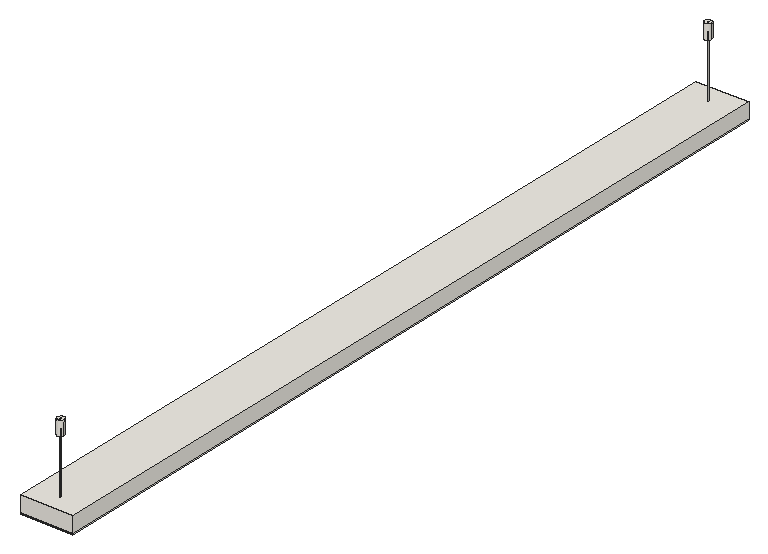
Revit family "ERA_LF_PR_SPO-5-40", category Осветительные приборы, Revit 2019 (continued)
Types (4, lengths in mm): name | Файл фотометрической сетки | built-in parameter 1150142 | Lumens | built-in parameter 1150107 | URL | ADSK_Масса | ADSK_Марка | ADSK_Обозначение | ADSK_Наименование
  SPO-5-40-4K-M (F), LED, IP20, 1200х75х24 мм (ДхШхВ), 36 Вт, 4000 К, 3060 лм, класс защиты I, в комплекте (импульсный драйвер, поликарбонат) | "SPO-5-40-4K-M (F).ies" | "IIESNA: LM-63-1995          \r\n[TEST]\r\n[DATA] 09.03.2017         \r\n[MANUFAC] ЭРА\r\n[LUMCAT] Светильник светодиодный\r\n[LUMINAIRE] SPO-5-40-4K-M (F)\r\n[LAMPCAT] Светодиоды         \r\n[LAMP] Светодиоды  \r\n[OTHER] YS07228GON-1800\r\n[MORE] Temprature:25,Humidity:40\r\n[More] Frequency:50.0 Voltage:220.1 Current:0.202 Power:36.4 PF:0.817\r\nTILT=NONE\r\n1 2422 1.000 181 7 1 2 1.200 0.075 0.025\r\n1.000 1.000 36.400\r\n0.0 1.0 2.0 3.0 4.0 5.0 6.0 7.0 8.0 9.0 10.0 11.0 12.0 13.0 14.0 15.0 16.0 17.0 18.0 19.0 20.0 21.0\r\n22.0 23.0 24.0 25.0 26.0 27.0 28.0 29.0 30.0 31.0 32.0 33.0 34.0 35.0 36.0 37.0 38.0 39.0 40.0 41.0 42.0 43.0\r\n44.0 45.0 46.0 47.0 48.0 49.0 50.0 51.0 52.0 53.0 54.0 55.0 56.0 57.0 58.0 59.0 60.0 61.0 62.0 63.0 64.0 65.0\r\n66.0 67.0 68.0 69.0 70.0 71.0 72.0 73.0 74.0 75.0 76.0 77.0 78.0 79.0 80.0 81.0 82.0 83.0 84.0 85.0 86.0 87.0\r\n88.0 89.0 90.0 91.0 92.0 93.0 94.0 95.0 96.0 97.0 98.0 99.0 100.0 101.0 102.0 103.0 104.0 105.0 106.0 107.0 108.0 109.0\r\n110.0 111.0 112.0 113.0 114.0 115.0 116.0 117.0 118.0 119.0 120.0 121.0 122.0 123.0 124.0 125.0 126.0 127.0 128.0 129.0 130.0 131.0\r\n132.0 133.0 134.0 135.0 136.0 137.0 138.0 139.0 140.0 141.0 142.0 143.0 144.0 145.0 146.0 147.0 148.0 149.0 150.0 151.0 152.0 153.0\r\n154.0 155.0 156.0 157.0 158.0 159.0 160.0 161.0 162.0 163.0 164.0 165.0 166.0 167.0 168.0 169.0 170.0 171.0 172.0 173.0 174.0 175.0\r\n176.0 177.0 178.0 179.0 180.0\r\n0.0 30.0 60.0 90.0 120.0 150.0 180.0\r\n822.585 851.202 851.215 853.860 850.668 849.682 848.516 843.642 845.108 839.508 836.738 834.475 834.408 826.119\r\n824.595 820.535 813.334 812.159 805.211 799.134 796.635 787.994 782.631 778.243 768.137 763.323 756.679 746.057\r\n743.108 732.522 722.923 718.173 704.294 697.755 691.131 677.337 672.780 662.225 648.373 643.360 627.975 618.014\r\n611.870 595.859 589.381 578.917 562.484 556.039 541.019 530.605 521.989 505.826 496.845 484.904 470.671 462.845\r\n449.769 436.785 428.807 414.685 404.836 396.540 382.124 372.879 362.756 347.955 341.865 328.857 315.836 309.553\r\n293.590 284.923 277.769 262.657 257.388 247.066 232.893 228.214 214.038 204.510 200.071 186.138 180.440 170.790\r\n159.441 154.546 145.102 135.185 130.220 121.502 111.730 108.427 99.098 89.927 87.184 76.301 71.519 69.684\r\n60.294 58.315 54.995 45.655 43.956 39.903 32.506 31.094 28.297 20.268 21.744 17.928 10.490 12.219\r\n6.531 2.468 4.575 0.000 0.000 0.000 0.000 0.000 0.000 0.000 0.000 0.000 0.000 0.000\r\n0.000 0.000 0.000 0.000 0.000 0.000 0.000 0.000 0.000 0.000 0.000 0.000 0.000 0.000\r\n0.000 0.000 0.000 0.000 0.000 0.000 0.000 0.000 0.000 0.000 0.000 0.000 0.000 0.000\r\n0.000 0.000 0.000 0.000 0.000 0.000 0.000 0.000 0.000 0.000 0.000 0.000 0.000 0.000\r\n0.000 0.000 0.000 0.000 0.000 0.000 0.000 0.000 0.000 0.000 0.000 0.000 0.000\r\n822.585 821.285 819.867 822.065 821.964 818.762 820.238 815.469 816.597 812.007 806.791 804.366 805.542 796.820\r\n797.621 790.808 784.286 784.937 776.257 771.707 769.312 759.662 754.974 749.968 740.122 735.971 729.577 718.775\r\n714.330 706.696 695.485 691.932 678.120 670.173 665.461 651.845 645.492 637.716 622.800 616.430 605.496 592.553\r\n585.753 574.043 561.140 554.351 541.377 527.954 520.692 504.384 493.619 486.381 469.593 461.487 451.614 434.752\r\n426.592 414.327 400.161 391.355 379.925 365.259 358.537 346.192 331.411 325.199 309.607 298.194 292.314 277.624\r\n267.967 260.458 246.741 236.449 228.985 216.842 206.479 200.139 185.645 180.508 172.347 158.481 153.506 144.423\r\n132.790 127.487 119.800 108.646 103.384 97.554 85.911 83.530 76.585 65.851 63.986 56.711 50.060 48.253\r\n43.024 36.140 36.404 31.330 23.994 25.203 17.603 13.030 14.550 7.990 5.707 6.332 1.275 0.000\r\n0.090 0.000 0.000 0.000 0.000 0.000 0.000 0.000 0.000 0.000 0.000 0.000 0.000 0.000\r\n0.000 0.000 0.000 0.000 0.000 0.000 0.000 0.000 0.000 0.000 0.000 0.000 0.000 0.000\r\n0.000 0.000 0.000 0.000 0.000 0.000 0.000 0.000 0.000 0.000 0.000 0.000 0.000 0.000\r\n0.000 0.000 0.000 0.000 0.000 0.000 0.000 0.000 0.000 0.000 0.000 0.000 0.000 0.000\r\n0.000 0.000 0.000 0.000 0.000 0.000 0.000 0.000 0.000 0.000 0.000 0.000 0.000\r\n822.585 820.093 819.147 821.626 816.810 819.046 813.479 810.777 808.568 805.893 807.366 799.475 795.875 796.641\r\n788.322 785.475 782.769 773.882 769.836 765.941 757.409 751.677 747.522 736.008 733.549 726.334 713.921 710.492\r\n700.342 690.284 685.609 675.020 664.224 658.415 648.278 636.375 630.319 619.375 605.844 600.426 585.632 576.566\r\n568.081 553.185 543.035 533.986 520.084 508.089 499.625 483.030 471.752 463.632 447.013 437.424 426.970 410.237\r\n399.593 387.937 371.224 361.307 351.505 335.788 326.763 315.245 297.671 288.622 274.162 259.580 250.001 237.209\r\n222.293 213.832 201.824 186.648 180.008 168.439 153.533 147.713 132.969 124.586 117.327 103.921 95.916 89.160\r\n77.369 70.809 64.189 52.776 48.618 42.720 32.469 31.567 24.713 17.316 18.336 9.781 10.618 8.450\r\n0.762 2.697 0.000 0.000 0.000 0.000 0.000 0.000 0.000 0.000 0.000 0.000 0.000 0.000\r\n0.000 0.000 0.000 0.000 0.000 0.000 0.000 0.000 0.000 0.000 0.000 0.000 0.000 0.000\r\n0.000 0.000 0.000 0.000 0.000 0.000 0.000 0.000 0.000 0.000 0.000 0.000 0.000 0.000\r\n0.000 0.000 0.000 0.000 0.000 0.000 0.000 0.000 0.000 0.000 0.000 0.000 0.000 0.000\r\n0.000 0.000 0.000 0.000 0.000 0.000 0.000 0.000 0.000 0.000 0.000 0.000 0.000 0.000\r\n0.000 0.000 0.000 0.000 0.000 0.000 0.000 0.000 0.000 0.000 0.000 0.000 0.000\r\n822.585 814.432 818.657 818.002 811.503 815.067 807.825 805.724 803.035 799.779 801.225 795.577 789.761 789.133\r\n779.628 779.938 774.098 764.181 763.638 752.687 746.367 744.385 732.208 728.999 722.889 709.814 707.034 695.137\r\n687.358 682.184 668.416 661.971 652.987 639.888 634.305 622.621 611.444 604.952 590.864 581.149 571.955 557.711\r\n549.210 538.087 523.863 516.959 502.692 489.586 480.848 463.740 454.238 443.791 427.078 419.714 405.721 389.795\r\n381.100 362.773 351.701 342.138 323.676 315.073 298.532 283.656 275.243 257.077 245.036 234.071 215.714 204.361\r\n191.090 174.259 163.700 149.713 133.814 123.698 109.650 94.561 85.989 68.675 57.741 50.239 34.674 28.388\r\n20.322 6.859 3.805 0.000 0.000 0.000 0.000 0.000 0.000 0.000 0.000 0.000 0.000 0.000\r\n0.000 0.000 0.000 0.000 0.000 0.000 0.000 0.000 0.000 0.000 0.000 0.000 0.000 0.000\r\n0.000 0.000 0.000 0.000 0.000 0.000 0.000 0.000 0.000 0.000 0.000 0.000 0.000 0.000\r\n0.000 0.000 0.000 0.000 0.000 0.000 0.000 0.000 0.000 0.000 0.000 0.000 0.000 0.000\r\n0.000 0.000 0.000 0.000 0.000 0.000 0.000 0.000 0.000 0.000 0.000 0.000 0.000 0.000\r\n0.000 0.000 0.000 0.000 0.000 0.000 0.000 0.000 0.000 0.000 0.000 0.000 0.000 0.000\r\n0.000 0.000 0.000 0.000 0.000 0.000 0.000 0.000 0.000 0.000 0.000 0.000 0.000\r\n822.585 818.347 813.374 814.668 814.134 812.013 809.737 804.349 804.268 801.043 799.560 791.402 789.420 787.792\r\n778.462 777.763 773.487 763.347 761.006 754.092 745.212 741.628 735.001 724.206 721.619 713.002 700.896 697.316\r\n685.953 676.178 671.416 659.996 649.805 643.215 631.653 620.480 614.119 602.078 589.489 582.892 567.368 559.633\r\n550.209 534.128 525.528 513.791 499.554 490.620 478.065 463.034 454.167 441.555 425.913 418.238 403.897 388.362\r\n380.094 362.040 352.700 341.442 324.203 316.890 301.572 286.700 278.549 262.509 250.423 240.580 223.938 213.606\r\n201.537 186.614 178.805 165.656 153.310 146.393 132.351 123.032 114.845 100.999 95.392 86.212 75.285 71.866\r\n61.108 53.542 49.266 38.245 35.039 30.121 20.937 20.832 13.587 8.950 9.818 1.921 4.602 2.062\r\n0.000 0.000 0.000 0.000 0.000 0.000 0.000 0.000 0.000 0.000 0.000 0.000 0.000 0.000\r\n0.000 0.000 0.000 0.000 0.000 0.000 0.000 0.000 0.000 0.000 0.000 0.000 0.000 0.000\r\n0.000 0.000 0.000 0.000 0.000 0.000 0.000 0.000 0.000 0.000 0.000 0.000 0.000 0.000\r\n0.000 0.000 0.000 0.000 0.000 0.000 0.000 0.000 0.000 0.000 0.000 0.000 0.000 0.000\r\n0.000 0.000 0.000 0.000 0.000 0.000 0.000 0.000 0.000 0.000 0.000 0.000 0.000 0.000\r\n0.000 0.000 0.000 0.000 0.000 0.000 0.000 0.000 0.000 0.000 0.000 0.000 0.000\r\n822.585 813.354 815.242 810.649 811.125 806.997 807.372 807.008 802.890 801.343 792.946 791.977 789.565 781.404\r\n781.887 773.875 767.627 766.782 758.017 752.322 749.346 740.176 733.086 729.110 719.609 711.810 707.375 694.675\r\n688.429 683.082 669.568 665.386 653.808 642.739 637.692 625.681 614.889 607.996 595.545 584.007 576.917 563.832\r\n552.263 544.312 528.146 521.266 510.234 493.913 486.549 472.353 458.562 451.110 436.563 424.193 415.252 400.732\r\n388.474 379.567 365.262 353.754 344.439 328.415 322.044 310.530 294.999 289.074 273.800 263.073 256.871 242.043\r\n234.956 226.499 211.589 205.800 194.653 182.882 178.768 166.544 158.154 151.645 140.036 134.253 126.511 116.061\r\n112.544 102.928 95.240 91.467 81.361 75.923 70.826 60.912 58.399 52.350 45.196 44.635 35.431 33.097\r\n32.344 23.778 25.825 21.505 14.945 16.722 7.480 5.531 7.538 0.000 3.120 1.150 0.000 0.000\r\n0.000 0.000 0.000 0.000 0.000 0.000 0.000 0.000 0.000 0.000 0.000 0.000 0.000 0.000\r\n0.000 0.000 0.000 0.000 0.000 0.000 0.000 0.000 0.000 0.000 0.000 0.000 0.000 0.000\r\n0.000 0.000 0.000 0.000 0.000 0.000 0.000 0.000 0.000 0.000 0.000 0.000 0.000 0.000\r\n0.000 0.000 0.000 0.000 0.000 0.000 0.000 0.000 0.000 0.000 0.000 0.000 0.000 0.000\r\n0.000 0.000 0.000 0.000 0.000 0.000 0.000 0.000 0.000 0.000 0.000 0.000 0.000\r\n822.585 813.385 811.787 814.043 808.629 811.007 804.245 802.387 799.333 796.580 797.881 790.892 786.049 786.464\r\n779.773 774.585 772.855 765.951 759.088 757.439 749.806 741.240 739.352 728.128 723.412 718.282 706.949 700.957\r\n694.401 683.714 675.942 669.848 656.500 649.106 643.418 628.910 623.597 614.592 599.605 593.394 581.730 568.736\r\n561.177 549.804 536.212 529.980 517.175 502.604 495.605 479.953 468.360 461.264 446.105 436.228 427.362 412.010\r\n402.221 392.618 376.848 368.647 360.699 346.398 340.351 329.560 314.519 308.628 294.688 283.430 277.931 264.363\r\n255.588 248.626 235.220 227.336 219.115 206.999 200.453 191.995 179.950 176.252 166.017 155.965 152.033 139.073\r\n133.790 129.646 117.412 115.476 107.846 96.547 95.159 83.439 77.558 75.856 65.064 64.402 56.322 50.094\r\n50.881 42.119 40.913 38.971 29.844 30.354 24.561 19.333 20.866 14.192 12.844 12.658 5.771 6.528\r\n3.718 0.000 1.164 0.000 0.000 0.000 0.000 0.000 0.000 0.000 0.000 0.000 0.000 0.000\r\n0.000 0.000 0.000 0.000 0.000 0.000 0.000 0.000 0.000 0.000 0.000 0.000 0.000 0.000\r\n0.000 0.000 0.000 0.000 0.000 0.000 0.000 0.000 0.000 0.000 0.000 0.000 0.000 0.000\r\n0.000 0.000 0.000 0.000 0.000 0.000 0.000 0.000 0.000 0.000 0.000 0.000 0.000 0.000\r\n0.000 0.000 0.000 0.000 0.000 0.000 0.000 0.000 0.000 0.000 0.000 0.000 0.000\r\n\r\n" | 3060 lm | 4000 (stored number, unit not read) | "https://www.eraworld.ru/catalog/64233" | 0.46 | "SPO-5-40-4K-M (F)" | "SPO-5-40-4K-M (F)" | "Светильник, LED, прямоугольный, подвесной, IP20, 1200х75х24 мм (ДхШхВ), 36 Вт, 4000 К, 3060 лм, класс защиты I, в комплекте (импульсный драйвер, поликарбонат)"
